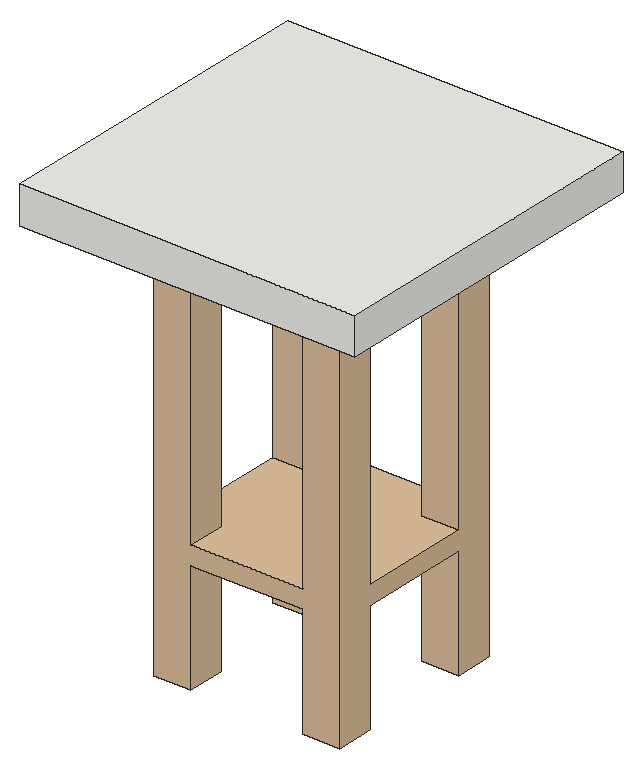
Revit family "M_Mesa-Cabeceira", category Mobiliário, Revit 2019
Family settings
  Número OmniClass = 23.40.20.14.17
  Título OmniClass = Residential Tables and Cabinets
  ID de item do Seek = Table-Night Stand-0000-CAN-ENU
  Com base no plano de trabalho = Não
  Sempre na vertical = Sim
  Corte com vazios quando carregada = Não
  Compartilhado = Sim
  Ponto de cálculo do ambiente = Não
Parameters (values of type "0457 x 0457 x 0610mm")
  Material base = Bétula
  Linear = 457.00 mm
  Altura = 610.00 mm
  Material superior = Laminado - Marfim, Fosco
  Largura = 457.00 mm
Types (3, lengths in mm): name | Linear | Altura | Largura
  (no name) | 457.00 | 610.00 | 457.00
  0610 x 0610 x 0762mm | 610.00 | 762.00 | 610.00
  0457 x 0457 x 0610mm | 457.00 | 610.00 | 457.00
Reference planes
  plane 1: y = 0
  plane 2: z = 0
  plane 3: x = 3.734
  plane 4: x = 460.734
  plane 5: y = 457
  plane 6: y = 228.5
  plane 7: x = 232.234
  plane 8: z = 610
  plane 9: z = 559.2
Forms (mm)
  Extrusion 1, solid, material "Laminado - Marfim, Fosco" <- "Material superior"
    sketch origin (0, 0, 0) x (1, 0, 0) y (0, 1, 0)
      loop
        line (3.734, 0) -> (460.734, 0) -> (460.734, 457) -> (3.734, 457) -> (3.734, 0)
    from 559.2 to 610
  Extrusion 2, solid, material "Bétula" <- "Material base"
    sketch origin (0, 0, 0) x (1, 0, 0) y (0, 1, 0)
      loop
        line (105.334, 355.4) -> (105.334, 304.6) -> (156.134, 304.6) -> (156.134, 355.4) -> (105.334, 355.4)
      loop
        line (105.334, 152.4) -> (105.334, 101.6) -> (156.134, 101.6) -> (156.134, 152.4) -> (105.334, 152.4)
      loop
        line (308.334, 355.4) -> (308.334, 304.6) -> (359.134, 304.6) -> (359.134, 355.4) -> (308.334, 355.4)
      loop
        line (308.334, 152.4) -> (308.334, 101.6) -> (359.134, 101.6) -> (359.134, 152.4) -> (308.334, 152.4)
    from 0 to 559.2
  Extrusion 3, solid, material "Bétula" <- "Material base"
    sketch origin (0, 0, 0) x (1, 0, 0) y (0, 1, 0)
      loop
        line (308.334, 355.4) -> (156.134, 355.4) -> (156.134, 304.6) -> (105.334, 304.6) -> (105.334, 152.4) -> (156.134, 152.4) -> (156.134, 101.6) -> (308.334, 101.6) -> (308.334, 152.4) -> (359.134, 152.4) -> (359.134, 304.6) -> (308.334, 304.6) -> (308.334, 355.4)
    from 152.4 to 177.8
Cuts and joins
  joined: Extrusion 2, Extrusion 3
Lines and regions (mm)
  Masking region 1
    outline origin (0, 0, 0) x (1, 0, 0) y (0, 1, 0)
      loop
        line (3.734, 457) -> (3.734, 0) -> (460.734, 0) -> (460.734, 457) -> (3.734, 457)
Dimensions and locks
  locked: Extrusion 1 to Extrusion 1 at 50.8
  locked: Extrusion 1 to Extrusion 2 sketch curve at 101.6  (x4)
  locked: Extrusion 2 sketch curve to Extrusion 1 at 101.6  (x4)
  locked: Extrusion 2 sketch curve to Extrusion 2 sketch curve at 50.8  (x8)
  "Largura": plane 3 to plane 4
  "Linear": plane 5 to plane 1
  equal spacing: plane 3, plane 7, plane 4
  equal spacing: plane 5, plane 6, plane 1
  "Altura": plane 8 to plane 2
  locked: plane 8 to plane 9 at 50.8
  aligned and locked: plane 1 to Extrusion 1 sketch curve
  aligned and locked: level to plane 2
  aligned and locked: Extrusion 3 sketch curve to Extrusion 2  (x3)
  aligned and locked: Extrusion 2 to Extrusion 3 sketch curve  (x2)
  aligned and locked: plane 8 to Extrusion 1
  aligned and locked: plane 9 to Extrusion 2
  aligned and locked: Masking region 1 sketch curve to plane 5
  aligned and locked: Masking region 1 sketch curve to plane 1
  aligned and locked: plane 4 to Masking region 1 sketch curve
  aligned and locked: Masking region 1 sketch curve to plane 3
Automatic sketch dimensions
  Extrusion 1 sketch curve to plane 3 = 0.00 mm
  plane 3 to Extrusion 3 sketch curve = 101.60 mm
  Extrusion 3 sketch curve to Extrusion 3 sketch curve = 50.80 mm  (x4)
  Extrusion 3 sketch curve to plane 1 = 101.60 mm
  plane 4 to Extrusion 3 sketch curve = 152.40 mm
  Extrusion 1 sketch curve to plane 4 = 0.00 mm
  Extrusion 1 sketch curve to plane 5 = 0.00 mm
